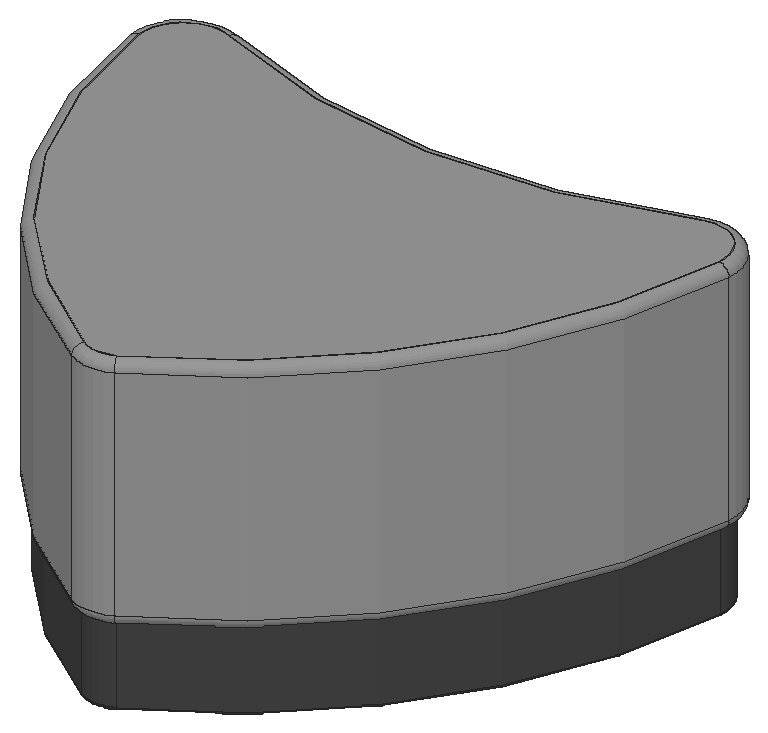
Revit family "1100S Chevron Bench", category Generic Models, Revit 2018
Family settings
  Can host rebar = No
  Round Connector Dimension = Use Diameter
  Part Type = Normal
  Work Plane-Based = No
  Always vertical = Yes
  Cut with Voids When Loaded = No
  Shared = No
  Room Calculation Point = No
Parameters
  Fabric = 1100S Chevron Fabric
Reference planes (in)
  plane 1 "Center (Front/Back)": y = 0
  plane 2: z = 0
  plane 3 "Center (Left/Right)": x = 0
Forms (in)
  Extrusion 1, solid, material "1100S Chevron Fabric" <- "Fabric"
    sketch origin (0.3023, 0, 0) x (1, 0, 0) y (0, 1, 0)
      loop
        arc (-12.10334, 12.83585) -> (-14.13598, 12.59182) -> (-14.94092, 10.70946) r 2.04719
        arc (-14.94092, 10.70946) -> (-10.50465, -1.30112) -> (-1.12227, -10.01349) r 27.5755
        arc (-1.12227, -10.01349) -> (-0.3023, -10.22903) -> (0.51767, -10.01349) r 1.66747
        arc (0.51767, -10.01349) -> (9.90005, -1.30112) -> (14.33631, 10.70946) r 27.5755
        arc (14.33631, 10.70946) -> (13.53138, 12.59182) -> (11.49874, 12.83585) r 2.04719
        arc (11.49874, 12.83585) -> (-0.3023, 10.41831) -> (-12.10334, 12.83585) r 30.01169
    from 4.50507 to 16.50507
  Sweep 2, solid, material "1100S Chevron Fabric" <- "Fabric"
    path origin (0.3023, 0, 0) x (1, 0, 0) y (0, 1, 0)
      loop
        arc (-14.94092, 10.70946) -> (-10.50465, -1.30112) -> (-1.12227, -10.01349) r 27.5755
        arc (-1.12227, -10.01349) -> (-0.3023, -10.22903) -> (0.51767, -10.01349) r 1.66747
        arc (0.51767, -10.01349) -> (9.90005, -1.30112) -> (14.33631, 10.70946) r 27.5755
        arc (14.33631, 10.70946) -> (13.53138, 12.59182) -> (11.49874, 12.83585) r 2.04719
        arc (11.49874, 12.83585) -> (-0.3023, 10.41831) -> (-12.10334, 12.83585) r 30.01169
        arc (-12.10334, 12.83585) -> (-14.13598, 12.59182) -> (-14.94092, 10.70946) r 2.04719
    profile origin (-10.20235, -1.30112, 0) x (0.831988, 0.554793, 0) y (0, 0, 1)
      loop
        arc (0, 16.50287) -> (-0.38345, 16.37483) -> (-0.54687, 16.00507) r 0.5
        line (-0.54687, 16.00507) -> (-0.54687, 5.00507)
        arc (-0.54687, 5.00507) -> (-0.38345, 4.63532) -> (0, 4.50728) r 0.5
        line (0, 4.50728) -> (0, 16.50287)
  Extrusion 3, solid, material "1100S Frame"
    sketch origin (0.3023, 0, -11.9978) x (1, 0, 0) y (0, 1, 0)
      loop
        arc (-12.10334, 12.83585) -> (-14.13598, 12.59182) -> (-14.94092, 10.70946) r 2.04719
        arc (-14.94092, 10.70946) -> (-10.50465, -1.30112) -> (-1.12227, -10.01349) r 27.5755
        arc (-1.12227, -10.01349) -> (-0.3023, -10.22903) -> (0.51767, -10.01349) r 1.66747
        arc (0.51767, -10.01349) -> (9.90005, -1.30112) -> (14.33631, 10.70946) r 27.5755
        arc (14.33631, 10.70946) -> (13.53138, 12.59182) -> (11.49874, 12.83585) r 2.04719
        arc (11.49874, 12.83585) -> (-0.3023, 10.41831) -> (-12.10334, 12.83585) r 30.01169
    from 12.50287 to 16.50507
  Sweep 4, solid, material "1100S Frame"
    path origin (0.3023, 0, 0) x (1, 0, 0) y (0, 1, 0)
      loop
        arc (-14.94092, 10.70946) -> (-10.50465, -1.30112) -> (-1.12227, -10.01349) r 27.5755
        arc (-1.12227, -10.01349) -> (-0.3023, -10.22903) -> (0.51767, -10.01349) r 1.66747
        arc (0.51767, -10.01349) -> (9.90005, -1.30112) -> (14.33631, 10.70946) r 27.5755
        arc (14.33631, 10.70946) -> (13.53138, 12.59182) -> (11.49874, 12.83585) r 2.04719
        arc (11.49874, 12.83585) -> (-0.3023, 10.41831) -> (-12.10334, 12.83585) r 30.01169
        arc (-12.10334, 12.83585) -> (-14.13598, 12.59182) -> (-14.94092, 10.70946) r 2.04719
    profile origin (-10.20235, -1.30112, 0) x (0.831988, 0.554793, 0) y (0, 0, 1)
      loop
        line (0, 0.50507) -> (0, 4.50728) -> (-0.1, 4.50728) -> (-0.1, 0.60507)
        arc (-0.1, 0.60507) -> (-0.07071, 0.53436) -> (0, 0.50507) r 0.1
  Revolve 5, solid, material "1100S Gliders"
    sketch origin (0.3023, 10.9738, 0) x (1, 0, 0) y (0, 0, 1)
      loop
        line (-12.91969, 0.50507) -> (-12.91969, 0)
        arc (-12.91969, 0) -> (-12.56255, 0.14793) -> (-12.41461, 0.50507) r 0.50507
        line (-12.41461, 0.50507) -> (-12.91969, 0.50507)
      axis (-12.91969, 0) -> (-12.91969, 0.50507)
    angle from 0 to 360
  Revolve 6, solid, material "1100S Gliders"
    sketch origin (25.53707, 10.9738, 0) x (1, 0, 0) y (0, 0, 1)
      loop
        line (-12.91969, 0.50507) -> (-12.91969, 0)
        arc (-12.91969, 0) -> (-12.56255, 0.14793) -> (-12.41461, 0.50507) r 0.50507
        line (-12.41461, 0.50507) -> (-12.91969, 0.50507)
      axis (-12.91969, 0) -> (-12.91969, 0.50507)
    angle from 0 to 360
  Revolve 7, solid, material "1100S Gliders"
    sketch origin (12.91969, -8.28767, 0) x (1, 0, 0) y (0, 0, 1)
      loop
        line (-12.91969, 0.50507) -> (-12.91969, 0)
        arc (-12.91969, 0) -> (-12.56255, 0.14793) -> (-12.41461, 0.50507) r 0.50507
        line (-12.41461, 0.50507) -> (-12.91969, 0.50507)
      axis (-12.91969, 0) -> (-12.91969, 0.50507)
    angle from 0 to 360
Dimensions and locks (in)
  aligned and locked: plane 2 to level
